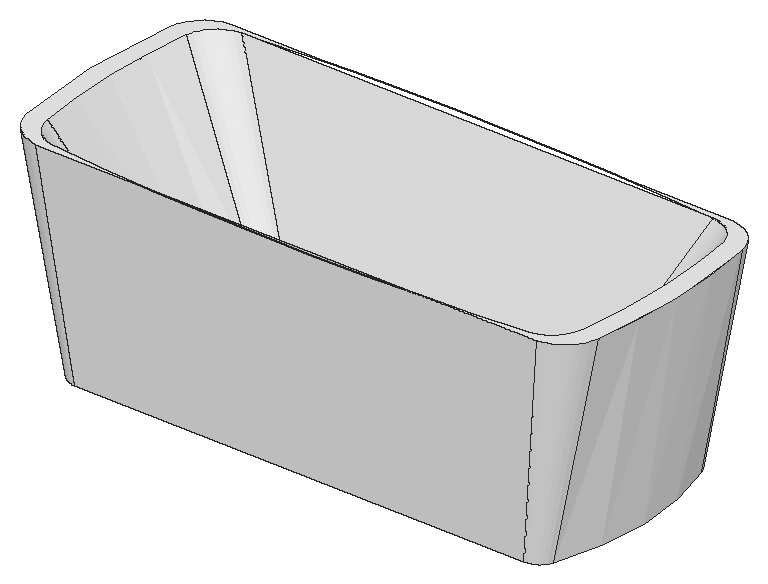
Revit family "Bathtub-Freestanding-DXV-Lyndon-D12536014", category Plumbing Fixtures, Revit 2014
Parameters (values of type "D12536004.415")
  Width = 67"
  Waste Connection Radius = 1 11/32"
  Waste Connection Diameter = Waste Connection Radius * 2  # 2 11/16"
  Waste Connection = yes
  WFU = 5
  Vent Connection = no
  URL = "www.dxv.com"
  Product Page URL = "http://www.dxv.com/Product/Lyndon-Freestanding-Soaking-Tub"
  Product Documentation Link = "http://dxv.blob.core.windows.net/dxv-product-pdf-files/DXV_D12536004_Lyndon_freestanding_tub_spec_en.pdf"
  Price = "Prices may vary. Please consult manufacturer representative for most up to date price list."
  Model = "D12536.004"
  Material = "Acrylic-DXC-415-Canvas White"
  Manufacturer = "DXV"
  Length = 30 1/4"
  Installation Type = "Floor Mounted"
  Height = 24 1/2"
  HWFU = 0
  HW Connection = no
  Description = "Free Standing Center Drain Soaker - CWH"
  Default Elevation = 0"
  Creation Date = "14/11/2013"  # constant formula
  CWFU = 5
  CW Connection = no
  Body Material = Acrylic-DXC-415-Canvas White
  Assembly Code = "D2010510"
Reference planes (in)
  plane 1 "Center (Front/Back)": y = 0
  plane 2: z = 0
  plane 3 "Center (Left/Right)": x = 0
  plane 4: x = 21.07
  plane 5: x = -21.07
  plane 6: z = 24.5
  plane 7: z = 7.1875
  plane 8: y = -12.8
  plane 9: y = 12.8
  plane 10: x = 33.5
  plane 11: x = -33.5
  plane 12: y = -8.25
  plane 13: y = 8.25
  plane 14: y = 15.125
  plane 15: y = -15.125
  plane 16: x = 29.75
  plane 17: x = -29.75
Forms (in)
  Blend 1, solid, material "Acrylic-DXC-415-Canvas White" <- "Body Material"
    base sketch origin (0, 0, 0) x (1, 0, 0) y (0, 1, 0)
      loop
        arc (-28.62704, 13.97556) -> (-31.32823, 12.78767) -> (-32.71277, 10.18179) r 4.5
        arc (-32.71277, 10.18179) -> (-33.50002, 0) -> (-32.71277, -10.18179) r 66.23593
        arc (-32.71277, -10.18179) -> (-31.32823, -12.78767) -> (-28.62704, -13.97556) r 4.5
        arc (-28.62704, -13.97556) -> (0, -15.125) -> (28.62704, -13.97556) r 357.05734
        arc (28.62704, -13.97556) -> (31.32823, -12.78767) -> (32.71277, -10.18179) r 4.5
        arc (32.71277, -10.18179) -> (33.50002, 0) -> (32.71277, 10.18179) r 66.23593
        arc (32.71277, 10.18179) -> (31.32823, 12.78767) -> (28.62704, 13.97556) r 4.5
        arc (28.62704, 13.97556) -> (0, 15.125) -> (-28.62704, 13.97556) r 357.05734
    top sketch origin (0, 0, 0) x (1, 0, 0) y (0, 1, 0)
      loop
        arc (27.83821, 10.53055) -> (26.97308, 11.67004) -> (25.62478, 12.14855) r 2.5
        arc (25.62478, 12.14855) -> (0, 12.8) -> (-25.62478, 12.14855) r 504.30222
        arc (-25.62478, 12.14855) -> (-26.97308, 11.67004) -> (-27.83821, 10.53055) r 2.5
        arc (-27.83821, 10.53055) -> (-29.75, 0) -> (-27.83821, -10.53055) r 29.9582
        arc (-27.83821, -10.53055) -> (-26.97308, -11.67004) -> (-25.62478, -12.14855) r 2.5
        arc (-25.62478, -12.14855) -> (0, -12.8) -> (25.62478, -12.14855) r 504.30192
        arc (25.62478, -12.14855) -> (26.97308, -11.67004) -> (27.83821, -10.53055) r 2.5
        arc (27.83821, -10.53055) -> (29.75, 0) -> (27.83821, 10.53055) r 29.9582
    from 24.5 to 0
  Blend 2, void
    base sketch origin (0, 0, 0) x (1, 0, 0) y (0, 1, 0)
      loop
        arc (27.00914, 13.35707) -> (0, 14.41) -> (-27.00914, 13.35707) r 346.93713
        arc (-27.00914, 13.35707) -> (-29.43228, 12.2885) -> (-30.65676, 9.94029) r 4
        arc (-30.65676, 9.94029) -> (-31.37, 0) -> (-30.65676, -9.94029) r 69.62448
        arc (-30.65676, -9.94029) -> (-29.43228, -12.2885) -> (-27.00914, -13.35707) r 4
        arc (-27.00914, -13.35707) -> (0, -14.41) -> (27.00914, -13.35707) r 346.93713
        arc (27.00914, -13.35707) -> (29.43228, -12.2885) -> (30.65676, -9.94029) r 4
        arc (30.65676, -9.94029) -> (31.37, 0) -> (30.65676, 9.94029) r 69.62448
        arc (30.65676, 9.94029) -> (29.43228, 12.2885) -> (27.00914, 13.35707) r 4
    top sketch origin (0, 0, 0) x (1, 0, 0) y (0, 1, 0)
      loop
        arc (-17.74876, 7.61053) -> (-19.15452, 7.0752) -> (-20.0446, 5.86256) r 2.65807
        arc (-20.0446, 5.86256) -> (-21.07, 0) -> (-20.0446, -5.86256) r 17.27178
        arc (-20.0446, -5.86256) -> (-19.15452, -7.0752) -> (-17.74876, -7.61053) r 2.65807
        arc (-17.74876, -7.61053) -> (0.0276, -8.26904) -> (17.7998, -7.50633) r 222.64764
        arc (17.7998, -7.50633) -> (19.20521, -6.96098) -> (20.08852, -5.73937) r 2.66
        arc (20.08852, -5.73937) -> (21.07, 0) -> (20.08852, 5.73937) r 17.27178
        arc (20.08852, 5.73937) -> (19.20521, 6.96098) -> (17.7998, 7.50633) r 2.66
        arc (17.7998, 7.50633) -> (0.0276, 8.26904) -> (-17.74876, 7.61053) r 222.64764
    from 24.62 to 7.1875
  Extrusion 3, void
    sketch origin (0, 0, 0) x (1, 0, 0) y (0, 1, 0)
      loop
        circle (0, 0) r 1.34375
    from 0 to 7.49
Cuts and joins
  Blend 2, Extrusion 3 cuts Blend 1
Lines and regions (in)
  Masking region 1
    outline origin (0, 0, 0) x (1, 0, 0) y (0, 1, 0)
      loop
        arc (-28.62704, 13.97556) -> (-31.32823, 12.78767) -> (-32.71277, 10.18179) r 4.5
        arc (-32.71277, 10.18179) -> (-33.50002, 0) -> (-32.71277, -10.18179) r 66.23593
        arc (-32.71277, -10.18179) -> (-31.32823, -12.78767) -> (-28.62704, -13.97556) r 4.5
        arc (-28.62704, -13.97556) -> (0, -15.125) -> (28.62704, -13.97556) r 357.05734
        arc (28.62704, -13.97556) -> (31.32823, -12.78767) -> (32.71277, -10.18179) r 4.5
        arc (32.71277, -10.18179) -> (33.50002, 0) -> (32.71277, 10.18179) r 66.23593
        arc (32.71277, 10.18179) -> (31.32823, 12.78767) -> (28.62704, 13.97556) r 4.5
        arc (28.62704, 13.97556) -> (0, 15.125) -> (-28.62704, 13.97556) r 357.05734
  symbolic lines, style "PlumbingFixtures", detail levels medium+fine
    curve 1: arc (-30.65676, -9.94029, 0) -> (-31.37, 0, 0) -> (-30.65676, 9.94029, 0) r 69.62448
    curve 2: arc (-30.65676, 9.94029, 0) -> (-29.43228, 12.2885, 0) -> (-27.00914, 13.35707, 0) r 4
    curve 3: arc (-27.00914, 13.35707, 0) -> (0, 14.41, 0) -> (27.00914, 13.35707, 0) r 346.93713
    curve 4: arc (-27.00914, -13.35707, 0) -> (-29.43228, -12.2885, 0) -> (-30.65676, -9.94029, 0) r 4
    curve 5: arc (27.00914, -13.35707, 0) -> (0, -14.41, 0) -> (-27.00914, -13.35707, 0) r 346.93713
    curve 6: arc (30.65676, -9.94029, 0) -> (29.43228, -12.2885, 0) -> (27.00914, -13.35707, 0) r 4
    curve 7: arc (30.65676, 9.94029, 0) -> (31.37, 0, 0) -> (30.65676, -9.94029, 0) r 69.62448
    curve 8: arc (27.00914, 13.35707, 0) -> (29.43228, 12.2885, 0) -> (30.65676, 9.94029, 0) r 4
    curve 17: circle (0, 0, 0) r 1.0825 normal (0, 0, 1)
  symbolic lines, style "PlumbingFixtures", detail levels fine
    curve 9: arc (-17.74876, 7.61053, 0) -> (-19.15452, 7.0752, 0) -> (-20.0446, 5.86256, 0) r 2.65807
    curve 10: arc (-20.0446, 5.86256, 0) -> (-21.07, 0, 0) -> (-20.0446, -5.86256, 0) r 17.27178
    curve 11: arc (-20.0446, -5.86256, 0) -> (-19.15452, -7.0752, 0) -> (-17.74876, -7.61053, 0) r 2.65807
    curve 12: arc (-17.74876, -7.61053, 0) -> (0.0276, -8.26904, 0) -> (17.7998, -7.50633, 0) r 222.64764
    curve 13: arc (17.7998, -7.50633, 0) -> (19.20521, -6.96098, 0) -> (20.08852, -5.73937, 0) r 2.66
    curve 14: arc (20.08852, -5.73937, 0) -> (21.07, 0, 0) -> (20.08852, 5.73937, 0) r 17.27178
    curve 15: arc (20.08852, 5.73937, 0) -> (19.20521, 6.96098, 0) -> (17.7998, 7.50633, 0) r 2.66
    curve 16: arc (17.7998, 7.50633, 0) -> (0.0276, 8.26904, 0) -> (-17.74876, 7.61053, 0) r 222.64764
Dimensions and locks (in)
  plane 9 to plane 8 = 25.6"
  plane 5 to plane 4 = 42.14"  (x2)
  "Height": plane 6 to level
  plane 6 to plane 7 = 17 5/16"
  plane 11 to plane 10 = 67"
  plane 12 to plane 13 = 16 1/2"
  plane 11 to plane 3 "Center (Left/Right)" = 33 1/2"
  plane 11 to plane 5 = 12.43"
  plane 17 to plane 16 = 59 1/2"
Automatic sketch dimensions
  plane 1 "Center (Front/Back)" to curve 7 = 0"
  plane 1 "Center (Front/Back)" to curve 10 = 0"
  plane 1 "Center (Front/Back)" to curve 17 = 0"
  curve 17 to plane 3 "Center (Left/Right)" = 0"
  plane 3 "Center (Left/Right)" to curve 3 = 0"
  plane 3 "Center (Left/Right)" to curve 5 = 0"
  plane 1 "Center (Front/Back)" to curve 14 = 0"
  plane 1 "Center (Front/Back)" to curve 1 = 0"
  curve 12 to plane 3 "Center (Left/Right)" = 5/8"
  curve 16 to plane 3 "Center (Left/Right)" = 5/8"
  curve 10 to plane 3 "Center (Left/Right)" = 3.79822"
  curve 11 to plane 5 = 3.52567"
  curve 9 to plane 5 = 3.52567"
  plane 12 to curve 12 = 0.63947"
  curve 12 to curve 11 = 0.20443"
  plane 13 to curve 16 = 0.63947"
  curve 16 to curve 9 = 0.20443"
  curve 11 to curve 12 = 0"
  curve 9 to curve 16 = 0"
  curve 11 to curve 11 = 2.50027"
  curve 10 to curve 11 = 0"
  curve 9 to curve 9 = 2.50027"
  curve 2 to plane 13 = 1.11921"
  curve 4 to plane 12 = 1.11921"
  plane 9 to curve 2 = 0.55707"
  curve 2 to curve 2 = 0.3114"
  plane 8 to curve 5 = 0.55707"
  curve 5 to curve 4 = 0.3114"
  curve 3 to curve 2 = 0"
  curve 4 to curve 5 = 0"
  curve 2 to curve 1 = 0"
  curve 17 to curve 14 = 3.79822"
  curve 13 to plane 4 = 3.49032"
  curve 15 to plane 4 = 3.49032"
  curve 13 to curve 12 = 0.22012"
  curve 15 to curve 16 = 0.22012"
  curve 15 to curve 16 = 0"
  curve 13 to curve 12 = 0"
  curve 14 to curve 13 = 0"
  curve 6 to plane 12 = 1.11921"
  curve 8 to plane 13 = 1.11921"
  curve 6 to curve 5 = 0"
  curve 8 to curve 3 = 0"
  curve 7 to curve 8 = 0"
  plane 1 "Center (Front/Back)" to Blend 2 sketch curve = 0"  (x4)
  Blend 2 sketch curve to plane 3 "Center (Left/Right)" = 0"  (x2)
  Blend 2 sketch curve to plane 13 = 1.11921"  (x2)
  Blend 2 sketch curve to plane 12 = 1.11921"  (x2)
  plane 9 to Blend 2 sketch curve = 0.55707"
  Blend 2 sketch curve to Blend 2 sketch curve = 0.3114"  (x2)
  plane 8 to Blend 2 sketch curve = 0.55707"
  Blend 2 sketch curve to Blend 2 sketch curve = 0"  (x12)
  plane 11 to Blend 2 sketch curve = 4.75448"
  Blend 2 sketch curve to plane 5 = 1.0254"  (x2)
  plane 12 to Blend 2 sketch curve = 0.63947"
  Blend 2 sketch curve to Blend 2 sketch curve = 2.29584"  (x2)
  plane 13 to Blend 2 sketch curve = 0.63947"
  Blend 2 sketch curve to Blend 2 sketch curve = 0.20443"
  Blend 2 sketch curve to plane 3 "Center (Left/Right)" = 3.79822"
  Blend 2 sketch curve to plane 3 "Center (Left/Right)" = 5/8"  (x2)
  plane 3 "Center (Left/Right)" to Blend 2 sketch curve = 3.79822"
  Blend 2 sketch curve to plane 4 = 3.49032"  (x2)
  plane 12 to Blend 2 sketch curve = 0.74367"
  Blend 2 sketch curve to Blend 2 sketch curve = 0.22012"  (x2)
  plane 1 "Center (Front/Back)" to Extrusion 3 sketch curve = 0"
  Extrusion 3 sketch curve to plane 3 "Center (Left/Right)" = 0"
  plane 4 to curve 6 = 5.62774"
  plane 4 to curve 8 = 5.62774"
  plane 4 to Blend 2 sketch curve = 5.62774"  (x2)
  Blend 2 sketch curve to Blend 2 sketch curve = 7.59772"  (x2)
  Blend 2 sketch curve to Blend 2 sketch curve = 3.64762"
  curve 4 to curve 11 = 6.65314"
  curve 2 to curve 10 = 6.65314"
  curve 1 to curve 4 = 3.95902"
  plane 11 to curve 7 = 4.75448"
  plane 1 "Center (Front/Back)" to Blend 1 sketch curve = 0"  (x4)
  Blend 1 sketch curve to plane 3 "Center (Left/Right)" = 0"  (x4)
  Blend 1 sketch curve to plane 13 = 1.24005"
  Blend 1 sketch curve to plane 17 = 1.48375"  (x2)
  Blend 1 sketch curve to plane 12 = 1.24005"  (x2)
  Blend 1 sketch curve to plane 14 = 1.14944"
  Blend 1 sketch curve to Blend 1 sketch curve = 0.36079"  (x2)
  Blend 1 sketch curve to plane 15 = 1.14944"
  Blend 1 sketch curve to Blend 1 sketch curve = 0"  (x12)
  Blend 1 sketch curve to plane 11 = 0.76409"
  Blend 1 sketch curve to plane 11 = 0.78723"
  Blend 1 sketch curve to plane 16 = 1.48375"  (x2)
  Blend 1 sketch curve to plane 16 = 1.12296"
  plane 1 "Center (Front/Back)" to Masking region 1 sketch curve = 0"  (x2)
  Masking region 1 sketch curve to plane 11 = 0.78723"  (x2)
  Masking region 1 sketch curve to Masking region 1 sketch curve = 0"  (x7)
  Masking region 1 sketch curve to plane 17 = 1.12296"  (x2)
  Masking region 1 sketch curve to plane 17 = 1.48375"
  Masking region 1 sketch curve to plane 10 = 0.76409"
  Masking region 1 sketch curve to plane 12 = 1.93179"
  Masking region 1 sketch curve to plane 12 = 1.24005"  (x2)
  Masking region 1 sketch curve to plane 3 "Center (Left/Right)" = 0"
  Masking region 1 sketch curve to plane 16 = 1.12296"  (x2)
  Masking region 1 sketch curve to plane 10 = 0.78723"  (x2)
  Masking region 1 sketch curve to plane 13 = 1.24005"
  Blend 1 sketch curve to plane 3 "Center (Left/Right)" = 0.2082"
  Blend 1 sketch curve to plane 12 = 1.40178"  (x2)
  Blend 1 sketch curve to plane 17 = 4.25225"  (x2)
  Blend 1 sketch curve to plane 13 = 1.40178"  (x2)
  Blend 1 sketch curve to plane 9 = 0.65145"
  Blend 1 sketch curve to Blend 1 sketch curve = 0.12703"  (x2)
  Blend 1 sketch curve to plane 8 = 0.65145"
  Blend 1 sketch curve to plane 17 = 1.91179"
  plane 4 to Blend 1 sketch curve = 4.42775"
  Blend 1 sketch curve to plane 16 = 4.25225"
  radius of curve 17 = 1.0825"
  radius of Extrusion 3 sketch curve = 1 11/32"
Connectors (in)
  piping at (0, 0, 0), diameter 2.6875, driven by "Waste Connection Radius", driven by "WFU"
    settings: on cut or joined group of Blend 1, Blend 2, Extrusion 3, index 1, connector inside diameter 2 11/16", connector length 0", flow factor 0, pipe flow 0 GPM, pressure drop 0.00 psi, fitting loss kfactor 0, connector angle 0.00°, fixture units 5, engagement length 0", angle of deflection 0.00°, flow configuration 3, flow direction 2, fitting loss method 0, system type 16, joint type 0, gender type 0, connector reference index -1, connector utility 0, adjustable connector no, is connector primary yes, connector description "2 11/16\" Drain Outlet"
